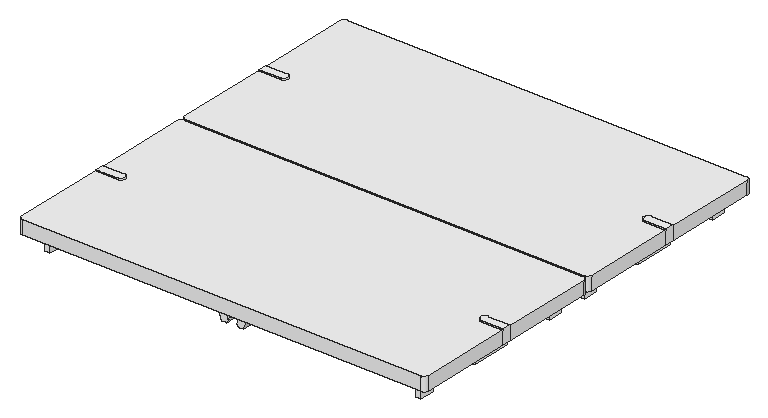
Revit family "Gira_502205", category Electrical Fixtures, host Face, Revit 2017
Family settings
  Host = Face
  Maintain Annotation Orientation = No
  Round Connector Dimension = Use Diameter
  Part Type = Normal
  Cut with Voids When Loaded = No
  Shared = No
  Room Calculation Point = No
Parameters (values of type "rocker set 2-g PB sens.4 TS4 black gl.")
  URL = "https://www.gira.de/"
  Type Comments = ""
  Transparent = no
  Radio frequent bidirectional = no
  Model = ""
  Material = "Glass"
  Manufacturer = "Gira"
  Keynote = ""
  HeinzeBIM = "https://www.heinze.de/bim/rocker-set-2-g-pb-sens-4-ts4-black-gl-/6e399354742f06c1e584d52ee95368c6ea3cb5bd"
  HAN = "502205"
  GTIN = "4010337071990"
  Description = ""
  Default Elevation = 1219.2 mm
  Cost = 0
  Colour = "Black"
  BIMSITE_PRODUCT_ID = "6e399354742f06c1e584d52ee95368c6ea3cb5bd"
  BIM = "https://media.live.bim.site/t/eyJhbGciOiJIUzI1NiIsInR5cCI6IkpXVCJ9.eyJjdCI6MSwidGYiOiJwdWJsaWMvZ2lyYS8wOWY1ZGI1LzQwXzUwMjEwMCBUUzQgV2lwcGVuc2V0IDJmYWNoLnJmYSIsImNpZCI6ImZlZDk4ZTlhLTFiZDgtNGM2OC1hNzNiLTc0YTk0ZTMxNTgyMyIsInJpZCI6Ijk3NzkyOWJlODg1NTFkYzlkYjU5ZDIyMjFkMmFmZGE5IiwicGlkIjoiNmUzOTkzNTQ3NDJmMDZjMWU1ODRkNTJlZTk1MzY4YzZlYTNjYjViZCIsInNpZCI6IjYzNDcwIiwidXQiOjUsImxjIjoiZW4iLCJpYXQiOjE2MDc0Mzg5MjgsImlzcyI6Imh0dHBzOi8vYXBpLmxpdmUuYmltLnNpdGUiLCJzdWIiOiI4ZDNhYTVjYi1lMDY2LTQ1OTgtYmUxNi02ZTE2ZWU3NDk1NmEifQ.82RsUHaiprb7fs3ZaJV8EIKSnp5mjioD4i9x0dmtzTw/40_502100 TS4 Wippenset 2fach.rfa"
  Assembly Code = ""
Reference planes
  plane 1 "Center (Front/Back)": y = 0
  plane 2: z = 0
  plane 3 "Center (Left/Right)": x = 0
Dimensions and locks
  aligned and locked: plane 2 to host face
  aligned and locked: level to host face
Nested families
  nested 1: "40_502100 TS4 Wippenset 2fach" at (0, 0, 0), type "40_502100 TS4 Wippenset 2fach"
Definition of nested family "40_502100 TS4 Wippenset 2fach"
  Parameters
    White = none
  Reference planes
    plane 1 "Center (Front/Back)": y = 0
    plane 2: z = 0
    plane 3 "Center (Left/Right)": x = 0
  Forms (mm)
    Extrusion 1, solid, material <- "White", detail levels fine
      sketch origin (0, 0, 0) x (1, 0, 0) y (0, 1, 0)
        loop
          arc (-46.5, 47.5) -> (-47.207, 47.207) -> (-47.5, 46.5) r 1
          line (-47.5, 46.5) -> (-47.5, 24.8) -> (-42.5, 24.8)
          arc (-42.5, 24.8) -> (-41.5, 23.8) -> (-42.5, 22.8) r 1
          line (-42.5, 22.8) -> (-47.5, 22.8) -> (-47.5, 1.15)
          arc (-47.5, 1.15) -> (-47.207, 0.443) -> (-46.5, 0.15) r 1
          line (-46.5, 0.15) -> (46.5, 0.15)
          arc (46.5, 0.15) -> (47.207, 0.443) -> (47.5, 1.15) r 1
          line (47.5, 1.15) -> (47.5, 22.8) -> (42.5, 22.8)
          arc (42.5, 22.8) -> (41.5, 23.8) -> (42.5, 24.8) r 1
          line (42.5, 24.8) -> (47.5, 24.8) -> (47.5, 46.5)
          arc (47.5, 46.5) -> (47.207, 47.207) -> (46.5, 47.5) r 1
          line (46.5, 47.5) -> (-46.5, 47.5)
        loop
          arc (46.5, -47.5) -> (47.207, -47.207) -> (47.5, -46.5) r 1
          line (47.5, -46.5) -> (47.5, -24.8) -> (42.5, -24.8)
          arc (42.5, -24.8) -> (41.5, -23.8) -> (42.5, -22.8) r 1
          line (42.5, -22.8) -> (47.5, -22.8) -> (47.5, -1.15)
          arc (47.5, -1.15) -> (47.207, -0.443) -> (46.5, -0.15) r 1
          line (46.5, -0.15) -> (-46.5, -0.15)
          arc (-46.5, -0.15) -> (-47.207, -0.443) -> (-47.5, -1.15) r 1
          line (-47.5, -1.15) -> (-47.5, -22.8) -> (-42.5, -22.8)
          arc (-42.5, -22.8) -> (-41.5, -23.8) -> (-42.5, -24.8) r 1
          line (-42.5, -24.8) -> (-47.5, -24.8) -> (-47.5, -46.5)
          arc (-47.5, -46.5) -> (-47.207, -47.207) -> (-46.5, -47.5) r 1
          line (-46.5, -47.5) -> (46.5, -47.5)
      from 0 to 3.1
    Extrusion 2, solid, material <- "White", detail levels fine
      sketch origin (0, 0, 0) x (1, 0, 0) y (0, 1, 0)
        loop
          line (43.976, 44.188) -> (-43.976, 44.188) -> (-43.976, 0.15) -> (43.976, 0.15) -> (43.976, 44.188)
        loop
          line (43.976, -44.188) -> (43.976, -0.15) -> (-43.976, -0.15) -> (-43.976, -44.188) -> (43.976, -44.188)
      from 0 to -1.5
    Extrusion 3, solid, detail levels fine
      sketch origin (0, 0, 0) x (1, 0, 0) y (0, 0, 1)
        loop
          arc (-1.639, -4) -> (-1.115, -3.694) -> (-1.122, -3.087) r 0.603
          arc (-1.122, -3.087) -> (-0.011, -1.666) -> (1.122, -3.087) r 1.145
          arc (1.122, -3.087) -> (1.115, -3.694) -> (1.639, -4) r 0.603
          line (1.639, -4) -> (2.5, -4) -> (3.5, -1.5) -> (-3.5, -1.5) -> (-2.5, -4) -> (-1.639, -4)
      from 41.985 to 44.199
    Extrusion 4, solid, detail levels fine
      sketch origin (0, 0, 0) x (1, 0, 0) y (0, 0, -1)
        loop
          line (-1.639, 4) -> (-2.5, 4) -> (-3.5, 1.5) -> (3.5, 1.5) -> (2.5, 4) -> (1.639, 4)
          arc (1.639, 4) -> (1.115, 3.694) -> (1.122, 3.087) r 0.603
          arc (1.122, 3.087) -> (-0.011, 1.666) -> (-1.122, 3.087) r 1.145
          arc (-1.122, 3.087) -> (-1.115, 3.694) -> (-1.639, 4) r 0.603
      from 41.985 to 44.199
    Extrusion 5, solid, material <- "White", detail levels medium
      sketch origin (0, 0, 0) x (1, 0, 0) y (0, 1, 0)
        loop
          line (43.976, 44.188) -> (-43.976, 44.188) -> (-43.976, 0.15) -> (43.976, 0.15) -> (43.976, 44.188)
        loop
          line (43.976, -44.188) -> (43.976, -0.15) -> (-43.976, -0.15) -> (-43.976, -44.188) -> (43.976, -44.188)
      from 0 to -4
    Extrusion 6, solid, material <- "White", detail levels medium
      sketch origin (0, 0, 0) x (1, 0, 0) y (0, 1, 0)
        loop
          line (-47.5, 47.5) -> (-47.5, 0.15) -> (47.5, 0.15) -> (47.5, 47.5) -> (-47.5, 47.5)
        loop
          line (47.5, -47.5) -> (47.5, -0.15) -> (-47.5, -0.15) -> (-47.5, -47.5) -> (47.5, -47.5)
      from 0 to 3.3
    Extrusion 7, solid, material <- "White", detail levels fine
      sketch origin (0, 0, 0) x (1, 0, 0) y (0, 1, 0)
        loop
          line (-43.976, 44.188) -> (-43.976, 40.908) -> (-42.655, 40.908) -> (-42.655, 44.188) -> (-43.976, 44.188)
        loop
          line (43.976, 44.188) -> (42.655, 44.188) -> (42.655, 40.908) -> (43.976, 40.908) -> (43.976, 44.188)
        loop
          line (-43.976, -44.188) -> (-42.655, -44.188) -> (-42.655, -40.908) -> (-43.976, -40.908) -> (-43.976, -44.188)
        loop
          line (43.976, -44.188) -> (43.976, -40.908) -> (42.655, -40.908) -> (42.655, -44.188) -> (43.976, -44.188)
      from 0 to -4
    Extrusion 8, solid, detail levels fine
      sketch origin (0, 0, 0) x (1, 0, 0) y (0, 1, 0)
        loop
          line (-47.5, 24.8) -> (-47.5, 22.8) -> (-42.5, 22.8)
          arc (-42.5, 22.8) -> (-41.5, 23.8) -> (-42.5, 24.8) r 1
          line (-42.5, 24.8) -> (-47.5, 24.8)
        loop
          line (47.5, 24.8) -> (42.5, 24.8)
          arc (42.5, 24.8) -> (41.5, 23.8) -> (42.5, 22.8) r 1
          line (42.5, 22.8) -> (47.5, 22.8) -> (47.5, 24.8)
        loop
          line (-47.5, -24.8) -> (-42.5, -24.8)
          arc (-42.5, -24.8) -> (-41.5, -23.8) -> (-42.5, -22.8) r 1
          line (-42.5, -22.8) -> (-47.5, -22.8) -> (-47.5, -24.8)
        loop
          line (47.5, -24.8) -> (47.5, -22.8) -> (42.5, -22.8)
          arc (42.5, -22.8) -> (41.5, -23.8) -> (42.5, -24.8) r 1
          line (42.5, -24.8) -> (47.5, -24.8)
      from 0 to 3.3
    Extrusion 9, solid, detail levels coarse
      sketch origin (0, 0, 0) x (1, 0, 0) y (0, 1, 0)
        loop
          line (-47.5, 47.5) -> (-47.5, -47.5) -> (47.5, -47.5) -> (47.5, 47.5) -> (-47.5, 47.5)
      from -4 to 3.3
    Extrusion 10, solid, material <- "White", detail levels fine
      sketch origin (0, 23.8, 0) x (1, 0, 0) y (0, 1, 0)
        loop
          line (-41.852, 6.181) -> (-43.976, 4.461) -> (-43.976, -4.461) -> (-41.852, -6.181)
          arc (-41.852, -6.181) -> (-38.884, -6.014) -> (-38.763, -3.043) r 2.212
          line (-38.763, -3.043) -> (-38.763, 3.043)
          arc (-38.763, 3.043) -> (-38.884, 6.014) -> (-41.852, 6.181) r 2.212
        loop
          arc (-39.415, 3.847) -> (-39.669, 5.38) -> (-41.223, 5.404) r 1.212
          line (-41.223, 5.404) -> (-42.938, 4.015) -> (-40.57, 1.883) -> (-39.415, 3.847)
        loop
          line (-39.415, -3.847) -> (-40.57, -1.883) -> (-42.938, -4.015) -> (-41.223, -5.404)
          arc (-41.223, -5.404) -> (-39.669, -5.38) -> (-39.415, -3.847) r 1.212
        loop
          arc (41.852, 6.181) -> (38.884, 6.014) -> (38.763, 3.043) r 2.212
          line (38.763, 3.043) -> (38.763, -3.043)
          arc (38.763, -3.043) -> (38.884, -6.014) -> (41.852, -6.181) r 2.212
          line (41.852, -6.181) -> (43.976, -4.461) -> (43.976, 4.461) -> (41.852, 6.181)
        loop
          line (39.415, 3.847) -> (40.57, 1.883) -> (42.938, 4.015) -> (41.223, 5.404)
          arc (41.223, 5.404) -> (39.669, 5.38) -> (39.415, 3.847) r 1.212
        loop
          arc (39.415, -3.847) -> (39.669, -5.38) -> (41.223, -5.404) r 1.212
          line (41.223, -5.404) -> (42.938, -4.015) -> (40.57, -1.883) -> (39.415, -3.847)
      from 0 to -3.6
    Extrusion 11, solid, detail levels fine
      sketch origin (0, -22.503, 0) x (1, 0, 0) y (0, 0, -1)
        loop
          line (-1.639, 4) -> (-2.5, 4) -> (-3.5, 1.5) -> (3.5, 1.5) -> (2.5, 4) -> (1.639, 4)
          arc (1.639, 4) -> (1.115, 3.694) -> (1.122, 3.087) r 0.603
          arc (1.122, 3.087) -> (-0.011, 1.666) -> (-1.122, 3.087) r 1.145
          arc (-1.122, 3.087) -> (-1.115, 3.694) -> (-1.639, 4) r 0.603
      from 28.117 to 25.903
    Extrusion 12, solid, material <- "White", detail levels fine
      sketch origin (0, -25, 0) x (1, 0, 0) y (0, 1, 0)
        loop
          line (-43.976, 21.601) -> (-43.976, 18.309) -> (-42.655, 18.309) -> (-42.655, 21.601) -> (-43.976, 21.601)
        loop
          line (43.976, 21.601) -> (42.655, 21.601) -> (42.655, 18.309) -> (43.976, 18.309) -> (43.976, 21.601)
        loop
          line (-43.976, -19.188) -> (-42.655, -19.188) -> (-42.655, -15.908) -> (-43.976, -15.908) -> (-43.976, -19.188)
        loop
          line (43.976, -19.188) -> (43.976, -15.908) -> (42.655, -15.908) -> (42.655, -19.188) -> (43.976, -19.188)
      from 0 to -4
    Extrusion 13, solid, material <- "White", detail levels fine
      sketch origin (0, -23.8, 0) x (1, 0, 0) y (0, 1, 0)
        loop
          arc (-41.852, -6.181) -> (-38.884, -6.014) -> (-38.763, -3.043) r 2.212
          line (-38.763, -3.043) -> (-38.763, 3.043)
          arc (-38.763, 3.043) -> (-38.884, 6.014) -> (-41.852, 6.181) r 2.212
          line (-41.852, 6.181) -> (-43.976, 4.461) -> (-43.976, -4.461) -> (-41.852, -6.181)
        loop
          line (-39.415, -3.847) -> (-40.57, -1.883) -> (-42.938, -4.015) -> (-41.223, -5.404)
          arc (-41.223, -5.404) -> (-39.669, -5.38) -> (-39.415, -3.847) r 1.212
        loop
          arc (-39.415, 3.847) -> (-39.669, 5.38) -> (-41.223, 5.404) r 1.212
          line (-41.223, 5.404) -> (-42.938, 4.015) -> (-40.57, 1.883) -> (-39.415, 3.847)
        loop
          line (41.852, -6.181) -> (43.976, -4.461) -> (43.976, 4.461) -> (41.852, 6.181)
          arc (41.852, 6.181) -> (38.884, 6.014) -> (38.763, 3.043) r 2.212
          line (38.763, 3.043) -> (38.763, -3.043)
          arc (38.763, -3.043) -> (38.884, -6.014) -> (41.852, -6.181) r 2.212
        loop
          arc (39.415, -3.847) -> (39.669, -5.38) -> (41.223, -5.404) r 1.212
          line (41.223, -5.404) -> (42.938, -4.015) -> (40.57, -1.883) -> (39.415, -3.847)
        loop
          line (39.415, 3.847) -> (40.57, 1.883) -> (42.938, 4.015) -> (41.223, 5.404)
          arc (41.223, 5.404) -> (39.669, 5.38) -> (39.415, 3.847) r 1.212
      from 0 to -3.6
    Extrusion 14, solid, detail levels fine
      sketch origin (0, 22.503, 0) x (1, 0, 0) y (0, 0, 1)
        loop
          arc (-1.639, -4) -> (-1.115, -3.694) -> (-1.122, -3.087) r 0.603
          arc (-1.122, -3.087) -> (-0.011, -1.666) -> (1.122, -3.087) r 1.145
          arc (1.122, -3.087) -> (1.115, -3.694) -> (1.639, -4) r 0.603
          line (1.639, -4) -> (2.5, -4) -> (3.5, -1.5) -> (-3.5, -1.5) -> (-2.5, -4) -> (-1.639, -4)
      from 28.117 to 25.903
    Extrusion 15, solid, material <- "White", detail levels fine
      sketch origin (0, 25, 0) x (1, 0, 0) y (0, 1, 0)
        loop
          line (-43.976, -21.601) -> (-42.655, -21.601) -> (-42.655, -18.309) -> (-43.976, -18.309) -> (-43.976, -21.601)
        loop
          line (43.976, -21.601) -> (43.976, -18.309) -> (42.655, -18.309) -> (42.655, -21.601) -> (43.976, -21.601)
        loop
          line (-43.976, 19.188) -> (-43.976, 15.908) -> (-42.655, 15.908) -> (-42.655, 19.188) -> (-43.976, 19.188)
        loop
          line (43.976, 19.188) -> (42.655, 19.188) -> (42.655, 15.908) -> (43.976, 15.908) -> (43.976, 19.188)
      from 0 to -4
  Cuts and joins
    joined: Extrusion 2, Extrusion 7, Extrusion 10
  Dimensions and locks
    aligned and locked: level to plane 2
